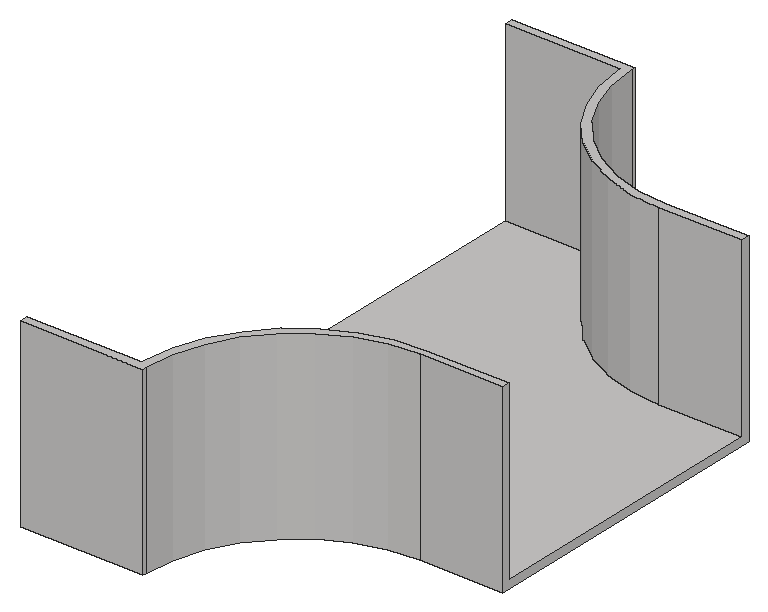
Revit family "S4R_OBO BETTERMANN_CableTray_SaddlePiece_RAA FT", category Cable Tray Fittings, Revit 2012
Parameters
  Wholesaler art.no. = ""
  Wholesaler = ""
  Watermarked By = "www.stabiplan.com"
  WIDTH2 [instance] = if(and(WIDTH = 100 mm, HEIGHT1 = 60 mm, ANGLE2 = 90.00°), 100 mm, if(and(WIDTH = 200 mm, HEIGHT1 = 60 mm, ANGLE2 = 90.00°), 100 mm, if(and(WIDTH = 300 mm, HEIGHT1 = 60 mm, ANGLE2 = 90.00°), 100 mm, if(and(WIDTH = 400 mm, HEIGHT1 = 60 mm, ANGLE2 = 90.00°), 510 mm, if(and(WIDTH = 500 mm, HEIGHT1 = 60 mm, ANGLE2 = 90.00°), 510 mm, if(and(WIDTH = 600 mm, HEIGHT1 = 60 mm, ANGLE2 = 90.00°), 510 mm, if(and(WIDTH = 200 mm, HEIGHT1 = 110 mm, ANGLE2 = 90.00°), 100 mm, if(and(WIDTH = 100 mm, HEIGHT1 = 35 mm, ANGLE2 = 90.00°), 100 mm, if(and(WIDTH = 200 mm, HEIGHT1 = 35 mm, ANGLE2 = 90.00°), 100 mm, if(and(WIDTH = 300 mm, HEIGHT1 = 35 mm, ANGLE2 = 90.00°), 100 mm, if(and(WIDTH = 500 mm, HEIGHT1 = 85 mm, ANGLE2 = 90.00°), 510 mm, if(and(WIDTH = 100 mm, HEIGHT1 = 85 mm, ANGLE2 = 90.00°), 100 mm, if(and(WIDTH = 200 mm, HEIGHT1 = 85 mm, ANGLE2 = 90.00°), 100 mm, if(and(WIDTH1 = 300 mm, HEIGHT1 = 110 mm, ANGLE2 = 90.00°), 117 mm, if(and(WIDTH1 = 50 mm, HEIGHT1 = 35 mm, ANGLE2 = 90.00°), 100 mm, if(and(WIDTH1 = 100 mm, HEIGHT1 = 85 mm, ANGLE2 = 90.00°), 100 mm, if(and(WIDTH1 = 600 mm, HEIGHT1 = 85 mm, ANGLE2 = 90.00°), 510 mm, if(and(WIDTH = 300 mm, HEIGHT1 = 85 mm, ANGLE2 = 90.00°), 100 mm, 100 mm)))))))))))))))))) + WIDTH  # 200 mm
  WIDTH1 [instance] = 100 mm
  WIDTH [instance] = if(WIDTH1 < 50 mm, 50 mm, WIDTH1)  # 100 mm
  VERSION = "91900"  # constant formula
  URL = "www.stabiplan.com"
  built-in parameter 1140111 [instance] = 2.6 mm
  TYPE [instance] = "RAA FT"  # constant formula
  StabiCAD_PM = ""
  Safe_Length2 [instance] = if(ISCUSTOM, 1 mm, Safe)  # 1 mm
  Safe_Length [instance] = if(WIDTH > 300 mm, WIDTH / 2, WIDTH * 2)  # 200 mm
  Safe4 [instance] = Safe3 - [built-in parameter 1140111]  # 37.4 mm
  Safe3 [instance] = if(WIDTH2 > 610 mm, 50 mm, 40 mm)  # 40 mm
  Safe2 [instance] = if(WIDTH2 > 610 mm, 105 mm, 27 mm)  # 27 mm
  Safe [instance] = if(WIDTH2 > 610 mm, 105 mm, 1 mm)  # 1 mm
  Safe5 [instance] = if(ISCUSTOM, LENGTH1 - Radius - Safe4, Safe2)  # 27 mm
  RadiusSafe [instance] = Radius + [built-in parameter 1140111]  # 52.6 mm
  Radius [instance] = if(and(WIDTH = 100 mm, HEIGHT1 = 60 mm, ANGLE2 = 90.00°), 50 mm, if(and(WIDTH = 200 mm, HEIGHT1 = 60 mm, ANGLE2 = 90.00°), 50 mm, if(and(WIDTH = 300 mm, HEIGHT1 = 60 mm, ANGLE2 = 90.00°), 50 mm, if(and(WIDTH = 400 mm, HEIGHT1 = 60 mm, ANGLE2 = 90.00°), 150 mm, if(and(WIDTH = 500 mm, HEIGHT1 = 60 mm, ANGLE2 = 90.00°), 150 mm, if(and(WIDTH = 600 mm, HEIGHT1 = 60 mm, ANGLE2 = 90.00°), 150 mm, if(and(WIDTH = 200 mm, HEIGHT1 = 110 mm, ANGLE2 = 90.00°), 50 mm, if(and(WIDTH = 100 mm, HEIGHT1 = 35 mm, ANGLE2 = 90.00°), 50 mm, if(and(WIDTH = 200 mm, HEIGHT1 = 35 mm, ANGLE2 = 90.00°), 50 mm, if(and(WIDTH = 300 mm, HEIGHT1 = 35 mm, ANGLE2 = 90.00°), 50 mm, if(and(WIDTH = 500 mm, HEIGHT1 = 85 mm, ANGLE2 = 90.00°), 150 mm, if(and(WIDTH = 100 mm, HEIGHT1 = 85 mm, ANGLE2 = 90.00°), 50 mm, if(and(WIDTH = 200 mm, HEIGHT1 = 85 mm, ANGLE2 = 90.00°), 50 mm, if(and(WIDTH1 = 300 mm, HEIGHT1 = 110 mm, ANGLE2 = 90.00°), 50 mm, if(and(WIDTH1 = 50 mm, HEIGHT1 = 35 mm, ANGLE2 = 90.00°), 50 mm, if(and(WIDTH1 = 100 mm, HEIGHT1 = 85 mm, ANGLE2 = 90.00°), 50 mm, if(and(WIDTH1 = 600 mm, HEIGHT1 = 85 mm, ANGLE2 = 90.00°), 150 mm, if(and(WIDTH = 300 mm, HEIGHT1 = 85 mm, ANGLE2 = 90.00°), 50 mm, 50 mm))))))))))))))))))  # 50 mm
  PRODUCTLINE [instance] = "OBO BETTERMANN CableTrays"  # constant formula
  Model = ""
  Manufacturer = "OBO BETTERMANN"  # constant formula
  LENGTH1 [instance] = if(and(WIDTH = 100 mm, HEIGHT1 = 60 mm, ANGLE2 = 90.00°), 117 mm, if(and(WIDTH = 200 mm, HEIGHT1 = 60 mm, ANGLE2 = 90.00°), 117 mm, if(and(WIDTH = 300 mm, HEIGHT1 = 60 mm, ANGLE2 = 90.00°), 117 mm, if(and(WIDTH = 400 mm, HEIGHT1 = 60 mm, ANGLE2 = 90.00°), 300 mm, if(and(WIDTH = 500 mm, HEIGHT1 = 60 mm, ANGLE2 = 90.00°), 300 mm, if(and(WIDTH = 600 mm, HEIGHT1 = 60 mm, ANGLE2 = 90.00°), 300 mm, if(and(WIDTH = 200 mm, HEIGHT1 = 110 mm, ANGLE2 = 90.00°), 117 mm, if(and(WIDTH = 100 mm, HEIGHT1 = 35 mm, ANGLE2 = 90.00°), 117 mm, if(and(WIDTH = 200 mm, HEIGHT1 = 35 mm, ANGLE2 = 90.00°), 117 mm, if(and(WIDTH = 300 mm, HEIGHT1 = 35 mm, ANGLE2 = 90.00°), 117 mm, if(and(WIDTH = 500 mm, HEIGHT1 = 85 mm, ANGLE2 = 90.00°), 300 mm, if(and(WIDTH = 100 mm, HEIGHT1 = 85 mm, ANGLE2 = 90.00°), 117 mm, if(and(WIDTH = 200 mm, HEIGHT1 = 85 mm, ANGLE2 = 90.00°), 117 mm, if(and(WIDTH = 300 mm, HEIGHT1 = 85 mm, ANGLE2 = 90.00°), 117 mm, if(and(WIDTH1 = 300 mm, HEIGHT1 = 110 mm, ANGLE2 = 90.00°), 117 mm, if(and(WIDTH1 = 50 mm, HEIGHT1 = 35 mm, ANGLE2 = 90.00°), 117 mm, if(and(WIDTH1 = 100 mm, HEIGHT1 = 85 mm, ANGLE2 = 90.00°), 117 mm, if(and(WIDTH1 = 600 mm, HEIGHT1 = 85 mm, ANGLE2 = 90.00°), 300 mm, Safe_Length))))))))))))))))))  # 117 mm
  Internal art.no. = ""
  ISCUSTOM [instance] = if(and(WIDTH = 100 mm, HEIGHT1 = 60 mm, ANGLE2 = 90.00°), 1 = 0, if(and(WIDTH = 200 mm, HEIGHT1 = 60 mm, ANGLE2 = 90.00°), 1 = 0, if(and(WIDTH = 300 mm, HEIGHT1 = 60 mm, ANGLE2 = 90.00°), 1 = 0, if(and(WIDTH = 400 mm, HEIGHT1 = 60 mm, ANGLE2 = 90.00°), 1 = 0, if(and(WIDTH = 500 mm, HEIGHT1 = 60 mm, ANGLE2 = 90.00°), 1 = 0, if(and(WIDTH = 600 mm, HEIGHT1 = 60 mm, ANGLE2 = 90.00°), 1 = 0, if(and(WIDTH = 200 mm, HEIGHT1 = 110 mm, ANGLE2 = 90.00°), 1 = 0, if(and(WIDTH = 100 mm, HEIGHT1 = 35 mm, ANGLE2 = 90.00°), 1 = 0, if(and(WIDTH = 200 mm, HEIGHT1 = 35 mm, ANGLE2 = 90.00°), 1 = 0, if(and(WIDTH = 300 mm, HEIGHT1 = 35 mm, ANGLE2 = 90.00°), 1 = 0, if(and(WIDTH = 500 mm, HEIGHT1 = 85 mm, ANGLE2 = 90.00°), 1 = 0, if(and(WIDTH = 100 mm, HEIGHT1 = 85 mm, ANGLE2 = 90.00°), 1 = 0, if(and(WIDTH = 200 mm, HEIGHT1 = 85 mm, ANGLE2 = 90.00°), 1 = 0, if(and(WIDTH = 300 mm, HEIGHT1 = 85 mm, ANGLE2 = 90.00°), 1 = 0, if(and(WIDTH1 = 300 mm, HEIGHT1 = 110 mm, ANGLE2 = 90.00°), 1 = 0, if(and(WIDTH1 = 50 mm, HEIGHT1 = 35 mm, ANGLE2 = 90.00°), 1 = 0, if(and(WIDTH1 = 100 mm, HEIGHT1 = 85 mm, ANGLE2 = 90.00°), 1 = 0, if(and(WIDTH1 = 600 mm, HEIGHT1 = 85 mm, ANGLE2 = 90.00°), 1 = 0, 1 = 1))))))))))))))))))  # no
  IFCExportType = ""
  IFCExportAs = ""
  HEIGHT1 [instance] = 60 mm
  GTINNUMBER [instance] = if(and(WIDTH = 100 mm, HEIGHT1 = 60 mm, ANGLE2 = 90.00°), "4012196813131", if(and(WIDTH = 200 mm, HEIGHT1 = 60 mm, ANGLE2 = 90.00°), "4012196813193", if(and(WIDTH = 300 mm, HEIGHT1 = 60 mm, ANGLE2 = 90.00°), "4012196813254", if(and(WIDTH = 400 mm, HEIGHT1 = 60 mm, ANGLE2 = 90.00°), "4012196246373", if(and(WIDTH = 500 mm, HEIGHT1 = 60 mm, ANGLE2 = 90.00°), "4012196246434", if(and(WIDTH = 600 mm, HEIGHT1 = 60 mm, ANGLE2 = 90.00°), "4012196246496", if(and(WIDTH = 100 mm, HEIGHT1 = 110 mm, ANGLE2 = 90.00°), "4012196813490", if(and(WIDTH = 200 mm, HEIGHT1 = 110 mm, ANGLE2 = 90.00°), "4012196813551", if(and(WIDTH = 100 mm, HEIGHT1 = 35 mm, ANGLE2 = 90.00°), "4012196812950", if(and(WIDTH = 200 mm, HEIGHT1 = 35 mm, ANGLE2 = 90.00°), "4012196813018", if(and(WIDTH = 300 mm, HEIGHT1 = 35 mm, ANGLE2 = 90.00°), "4012196813070", if(and(WIDTH = 150 mm, HEIGHT1 = 60 mm, ANGLE2 = 90.00°), "4012196027002", if(and(WIDTH = 200 mm, HEIGHT1 = 85 mm, ANGLE2 = 90.00°), "4012196813377", if(and(WIDTH = 300 mm, HEIGHT1 = 85 mm, ANGLE2 = 90.00°), "4012196813438", if(and(WIDTH = 400 mm, HEIGHT1 = 85 mm, ANGLE2 = 90.00°), "4012196246731", if(and(WIDTH = 500 mm, HEIGHT1 = 85 mm, ANGLE2 = 90.00°), "4012196246793", if(and(WIDTH1 = 300 mm, HEIGHT1 = 110 mm, ANGLE2 = 90.00°), "4012196813674", if(and(WIDTH1 = 50 mm, HEIGHT1 = 35 mm, ANGLE2 = 90.00°), "4012196812899", if(and(WIDTH1 = 100 mm, HEIGHT1 = 85 mm, ANGLE2 = 90.00°), "4012196813315", if(and(WIDTH1 = 600 mm, HEIGHT1 = 85 mm, ANGLE2 = 90.00°), "4012196246854", "Unknown"))))))))))))))))))))  # "4012196813131"
  ETIM article class = ""
  Description = "Horizontal CableTray Saddle Piece"
  DEEPLINK = "http://catalog1.obo-bettermann.com/catalogue/catalogue.do?forward=showProductGroup&act=showIO&favOid=kts_6138&action=showManyProducts&lang=de&OID=kts_6138&catId="
  Copyright = "© Stabiplan BV / Stabiplan International BV"  # constant formula
  CT2 [instance] = 1
  CT1 [instance] = 1
  BodyColor = Steel
  ARTICLENUMBER [instance] = if(and(WIDTH = 100 mm, HEIGHT1 = 60 mm, ANGLE2 = 90.00°), "7121109", if(and(WIDTH = 200 mm, HEIGHT1 = 60 mm, ANGLE2 = 90.00°), "7121210", if(and(WIDTH = 300 mm, HEIGHT1 = 60 mm, ANGLE2 = 90.00°), "7121318", if(and(WIDTH = 400 mm, HEIGHT1 = 60 mm, ANGLE2 = 90.00°), "7121407", if(and(WIDTH = 500 mm, HEIGHT1 = 60 mm, ANGLE2 = 90.00°), "7121504", if(and(WIDTH = 600 mm, HEIGHT1 = 60 mm, ANGLE2 = 90.00°), "7121601", if(and(WIDTH = 100 mm, HEIGHT1 = 110 mm, ANGLE2 = 90.00°), "7123116", if(and(WIDTH = 200 mm, HEIGHT1 = 110 mm, ANGLE2 = 90.00°), "7123213", if(and(WIDTH = 100 mm, HEIGHT1 = 35 mm, ANGLE2 = 90.00°), "7120117", if(and(WIDTH = 200 mm, HEIGHT1 = 35 mm, ANGLE2 = 90.00°), "7120214", if(and(WIDTH = 300 mm, HEIGHT1 = 35 mm, ANGLE2 = 90.00°), "7120311", if(and(WIDTH = 150 mm, HEIGHT1 = 60 mm, ANGLE2 = 90.00°), "7121205", if(and(WIDTH = 200 mm, HEIGHT1 = 85 mm, ANGLE2 = 90.00°), "7122213", if(and(WIDTH = 300 mm, HEIGHT1 = 85 mm, ANGLE2 = 90.00°), "7122310", if(and(WIDTH = 400 mm, HEIGHT1 = 85 mm, ANGLE2 = 90.00°), "7122403", if(and(WIDTH = 500 mm, HEIGHT1 = 85 mm, ANGLE2 = 90.00°), "7122500", if(and(WIDTH1 = 300 mm, HEIGHT1 = 110 mm, ANGLE2 = 90.00°), "7123310", if(and(WIDTH1 = 50 mm, HEIGHT1 = 35 mm, ANGLE2 = 90.00°), "7120060", if(and(WIDTH1 = 100 mm, HEIGHT1 = 85 mm, ANGLE2 = 90.00°), "7122109", if(and(WIDTH1 = 600 mm, HEIGHT1 = 85 mm, ANGLE2 = 90.00°), "7122608", "Unknown"))))))))))))))))))))  # "7121109"
  ARTICLEDESCRIPTION [instance] = "Horizontal CableTray Saddle Piece"
  ANGLE2 = 90.00°  # constant formula
Reference planes
  plane 1 "Center (Front/Back)": y = 0
  plane 2: z = 0
  plane 3 "Center (Left/Right)": x = 0
  plane 4: y = 50
  plane 5: y = -50
  plane 6: y = 100
  plane 7: y = -100
  plane 8: z = 30
  plane 9: z = -30
  plane 10: x = 117
  plane 11: x = 40
  plane 12: z = 27.5
  plane 13: z = -27.4
  plane 14: y = 99
  plane 15: y = -99
  plane 16: x = 40
  plane 17: x = 90
  plane 18: y = 99
  plane 19: y = -99
  plane 20: x = 40
  plane 21: x = 90
  plane 22: y = -97.4
  plane 23: y = 97.4
  plane 24: x = 37.4
  plane 25: x = 90
Forms (mm)
  Extrusion 1, solid, material "Steel" <- "BodyColor", detail levels medium
    sketch origin (0, 0, 0) x (1, 0, 0) y (0, 1, 0)
      loop
        line (0, 100) -> (0, -100) -> (40, -100) -> (40, -99)
        arc (40, -99) -> (54.994, -64.289) -> (90, -50) r 50
        line (90, -50) -> (117, -50) -> (117, 50) -> (90, 50)
        arc (90, 50) -> (54.994, 64.289) -> (40, 99) r 50
        line (40, 99) -> (40, 100) -> (0, 100)
    from -30 to 30
  Extrusion 2, solid, material "Steel" <- "BodyColor", detail levels fine
    sketch origin (0, 0, 0) x (1, 0, 0) y (0, 1, 0)
      loop
        line (0, 100) -> (0, -100) -> (40, -100) -> (40, -99)
        arc (40, -99) -> (54.994, -64.289) -> (90, -50) r 50
        line (90, -50) -> (117, -50) -> (117, 50) -> (90, 50)
        arc (90, 50) -> (54.994, 64.289) -> (40, 99) r 50
        line (40, 99) -> (40, 100) -> (0, 100)
    from -30 to 30
  Extrusion 3, void
    sketch origin (0, 0, 0) x (1, 0, 0) y (0, 1, 0)
      loop
        line (0, 97.4) -> (0, -97.4) -> (37.4, -97.4) -> (37.4, -96.4)
        arc (37.4, -96.4) -> (54.023, -61.512) -> (90, -47.4) r 52.6
        line (90, -47.4) -> (117, -47.4) -> (117, 47.4) -> (90, 47.4)
        arc (90, 47.4) -> (54.023, 61.512) -> (37.4, 96.4) r 52.6
        line (37.4, 96.4) -> (37.4, 97.4) -> (0, 97.4)
    from -27.4 to 30
Cuts and joins
  Extrusion 3 cuts Extrusion 2
Lines and regions (mm)
  model lines, style "Coarse", detail levels coarse
    curve 1: line (0, 0, 0) -> (117, 0, 0)
Dimensions and locks
  equal spacing: plane 4, plane 1 "Center (Front/Back)", plane 5
  "WIDTH": plane 4 to plane 5
  equal spacing: plane 6, plane 1 "Center (Front/Back)", plane 7
  equal spacing: plane 8, level, plane 9
  "HEIGHT1": plane 8 to plane 9
  "LENGTH1": plane 3 "Center (Left/Right)" to plane 10
  "WIDTH2": plane 6 to plane 7
  "LENGTH1": curve 1 to curve 1
  plane 3 "Center (Left/Right)" to Extrusion 1 = 117 mm
  locked: plane 3 "Center (Left/Right)" to plane 11 at 40
  "built-in parameter 1140111": plane 13 to plane 9
  "Safe_Length2": plane 6 to plane 14
  "Safe_Length2": plane 15 to plane 7
  "Safe3": plane 3 "Center (Left/Right)" to plane 16
  "Safe5": plane 17 to plane 10
  "Safe_Length2": plane 6 to plane 18
  "Safe_Length2": plane 19 to plane 7
  "Safe3": plane 3 "Center (Left/Right)" to plane 20
  "Safe5": plane 21 to plane 10
  "built-in parameter 1140111": plane 22 to plane 7
  "built-in parameter 1140111": plane 6 to plane 23
  "built-in parameter 1140111": plane 4 to Extrusion 3 sketch curve
  "built-in parameter 1140111": Extrusion 3 sketch curve to plane 5
  "Safe4": plane 3 "Center (Left/Right)" to plane 24
  Extrusion 3 to plane 3 "Center (Left/Right)" = 117 mm
  "Safe5": plane 25 to plane 10
  "Safe_Length2": plane 23 to Extrusion 3 sketch curve
  "Safe_Length2": Extrusion 3 sketch curve to plane 22
  "Radius": radius of Extrusion 1 sketch curve  (x2)
  "Radius": radius of Extrusion 2 sketch curve  (x2)
  "RadiusSafe": radius of Extrusion 3 sketch curve  (x2)
  aligned and locked: level to plane 2
  aligned and locked: plane 1 "Center (Front/Back)" to curve 1
  aligned and locked: Extrusion 1 to plane 9
  aligned and locked: plane 8 to Extrusion 1
  aligned and locked: plane 4 to Extrusion 1 sketch curve
  aligned and locked: plane 10 to Extrusion 1 sketch curve  (x2)
  aligned and locked: plane 3 "Center (Left/Right)" to Extrusion 1 sketch curve  (x2)
  aligned and locked: plane 17 to Extrusion 1 sketch curve  (x2)
  aligned and locked: plane 5 to Extrusion 1 sketch curve
  aligned and locked: Extrusion 1 sketch curve to plane 7
  aligned and locked: plane 15 to Extrusion 1 sketch curve
  aligned and locked: Extrusion 1 sketch curve to plane 16
  aligned and locked: plane 16 to Extrusion 1 sketch curve  (x3)
  aligned and locked: Extrusion 1 sketch curve to plane 6
  aligned and locked: plane 6 to Extrusion 1 sketch curve
  aligned and locked: plane 14 to Extrusion 1 sketch curve
  aligned and locked: plane 10 to Extrusion 2 sketch curve  (x2)
  aligned and locked: plane 3 "Center (Left/Right)" to Extrusion 2 sketch curve
  aligned and locked: plane 21 to Extrusion 2 sketch curve  (x2)
  aligned and locked: Extrusion 2 sketch curve to plane 7
  aligned and locked: plane 19 to Extrusion 2 sketch curve
  aligned and locked: Extrusion 2 sketch curve to plane 20
  aligned and locked: plane 20 to Extrusion 2 sketch curve  (x3)
  aligned and locked: Extrusion 2 sketch curve to plane 6
  aligned and locked: plane 6 to Extrusion 2 sketch curve
  aligned and locked: plane 18 to Extrusion 2 sketch curve
  aligned and locked: Extrusion 2 sketch curve to plane 3 "Center (Left/Right)"
  aligned and locked: plane 5 to Extrusion 2 sketch curve
  aligned and locked: plane 4 to Extrusion 2 sketch curve
  aligned and locked: Extrusion 2 to plane 9
  aligned and locked: plane 8 to Extrusion 2
  aligned and locked: Extrusion 3 sketch curve to plane 22
  aligned and locked: plane 23 to Extrusion 3 sketch curve
  aligned and locked: Extrusion 3 sketch curve to plane 3 "Center (Left/Right)"
  aligned and locked: plane 10 to Extrusion 3 sketch curve
  aligned and locked: Extrusion 3 to plane 13
  aligned and locked: plane 8 to Extrusion 3
  aligned and locked: plane 25 to Extrusion 3 sketch curve  (x2)
  aligned and locked: Extrusion 3 sketch curve to plane 24
  aligned and locked: plane 22 to Extrusion 3 sketch curve
  aligned and locked: plane 24 to Extrusion 3 sketch curve
Automatic sketch dimensions
  curve 1 to plane 3 "Center (Left/Right)" = 0 mm
Connectors
  cabletrayconduit at (117, 0, 0), driven by "HEIGHT1", driven by "WIDTH1"
    settings: on Extrusion 1, index 1, connector width 100 mm, connector height 60 mm, connector radius 300 mm, connector angle 0.00°, system type 32, placement type 0, profile type 1, connector reference index -1, is primary connector yes, connector utility param no, connector description ""
